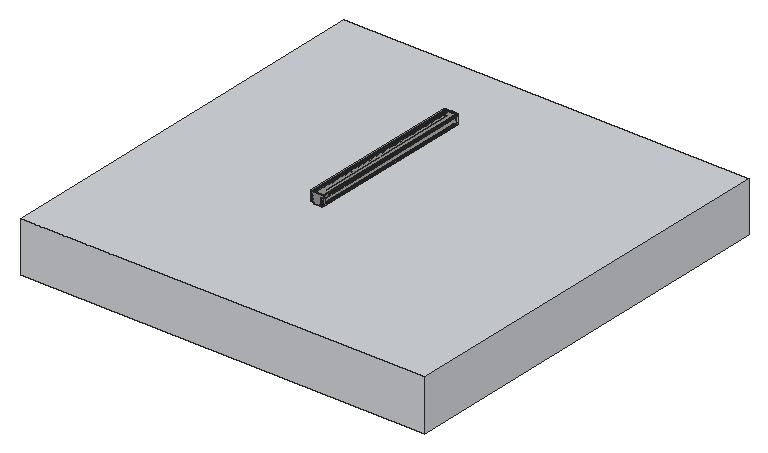
Revit family "L-street 24-48_body", category Обобщенные модели, Revit 2017
Family settings
  Основа = Грань
  Может служить основой для арматурных стержней = Нет
  Размер круглого соединителя = Использовать диаметр
  Тип детали = Нормальный
  При загрузке вырезать с полостями = Нет
  Общий = Нет
  Точка расчета площади = Нет
Parameters
  Тип торцевой крышки = Street 24-48 торцевая крышка : Trade Standart
  Расстояние от светильника до плоскости = 250 mm
  Default Elevation = 1219.2 mm
  Начало выдавливания = Длина профиля / 2 * (-1)  # -500 mm
  Конец выдавливания = Длина профиля / 2  # 500 mm
  Длина профиля = 1000 mm
Reference planes
  plane 1 "По центру (Вперед/Назад)": y = 0
  plane 2: z = 0
  plane 3 "По центру (Влево/Вправо)": x = 0
  plane 4 "Плоскость расположения светильника": z = 250
Forms (mm)
  Extrusion 1, solid
    sketch origin (0, 0, 0) x (1, 0, 0) y (0, 1, 0)
      loop
        line (-1219.2, 1219.2) -> (-1219.2, -1219.2) -> (1219.2, -1219.2) -> (1219.2, 1219.2) -> (-1219.2, 1219.2)
    from 0 to -304.8
  Extrusion 2, solid, material "Стекло, прозрачное остекление"
    sketch origin (-0.012, 0.083, 76.46) x (-1, 0, 0) y (0, 0, -1)
      loop
        line (35.589, -172.539) -> (35.589, -167.394) -> (33.404, -167.394) -> (33.404, -169.539) -> (-33.404, -169.539) -> (-33.404, -167.394) -> (-35.589, -167.394) -> (-35.589, -172.539) -> (35.589, -172.539)
    from -500 <- "Начало выдавливания" to 500 <- "Конец выдавливания"
  Extrusion 3, solid, material "Алюминий"
    sketch origin (-38.032, -499.976, 250) x (1, 0, 0) y (0, 0, -1)
      loop
        line (39.091, 58.204) -> (35.191, 58.204) -> (35.191, 62.2) -> (36.654, 62.2) -> (36.654, 64.2) -> (33.154, 64.2) -> (33.154, 58.204) -> (23.754, 58.204) -> (23.754, 62.908)
        arc (23.754, 62.908) -> (23.375, 63.822) -> (22.462, 64.2) r 1.292
        line (22.462, 64.2) -> (20.507, 64.2) -> (20.507, 62.999)
        arc (20.507, 62.999) -> (18.784, 57.899) -> (17.454, 63.115) r 2.807
        line (17.454, 63.115) -> (17.454, 64.2) -> (15.57, 64.2)
        arc (15.57, 64.2) -> (14.64, 63.815) -> (14.254, 62.884) r 1.316
        line (14.254, 62.884) -> (14.254, 58.204)
        arc (14.254, 58.204) -> (14.542, 57.268) -> (15.307, 56.657) r 1.662
        arc (15.307, 56.657) -> (15.699, 56.211) -> (15.564, 55.633) r 0.649
        line (15.564, 55.633) -> (14.254, 54.323)
        arc (14.254, 54.323) -> (12.694, 54.04) -> (11.88, 55.401) r 1.392
        line (11.88, 55.401) -> (11.88, 64.2) -> (10.88, 64.2) -> (10.88, 55.43)
        arc (10.88, 55.43) -> (12.297, 53.121) -> (14.961, 53.616) r 2.392
        line (14.961, 53.616) -> (16.271, 54.926)
        arc (16.271, 54.926) -> (18.805, 53.565) -> (19.091, 50.704) r 3.06
        line (19.091, 50.704) -> (19.091, 34.404)
        arc (19.091, 34.404) -> (17.453, 32.057) -> (14.686, 32.784) r 2.5
        line (14.686, 32.784) -> (3.187, 46.302)
        arc (3.187, 46.302) -> (1.783, 49.534) -> (1.349, 53.03) r 12.359
        arc (1.349, 53.03) -> (0.911, 54.131) -> (-0.182, 54.59) r 1.531
        line (-0.182, 54.59) -> (-1.451, 54.59) -> (-1.451, 52.09) -> (-0.218, 52.09) -> (-0.218, 49.043) -> (-1.451, 49.043) -> (-1.451, 47.616)
        arc (-1.451, 47.616) -> (-1.151, 46.891) -> (-0.426, 46.59) r 1.025
        line (-0.426, 46.59) -> (0.549, 46.59)
        arc (0.549, 46.59) -> (1.499, 46.15) -> (2.241, 45.41) r 3
        line (2.241, 45.41) -> (19.248, 21.121)
        arc (19.248, 21.121) -> (19.506, 18.078) -> (16.99, 16.347) r 3.04
        line (16.99, 16.347) -> (16.172, 18.606)
        arc (16.172, 18.606) -> (15.575, 18.888) -> (15.29, 18.293) r 0.468
        line (15.29, 18.293) -> (15.919, 15.768)
        arc (15.919, 15.768) -> (15.065, 15.349) -> (14.231, 14.89) r 20
        line (14.231, 14.89) -> (13.32, 17.308)
        arc (13.32, 17.308) -> (12.744, 17.565) -> (12.493, 16.986) r 0.443
        line (12.493, 16.986) -> (13, 14.112)
        arc (13, 14.112) -> (12.216, 13.548) -> (11.461, 12.946) r 20
        line (11.461, 12.946) -> (10.632, 15.29)
        arc (10.632, 15.29) -> (9.98, 15.589) -> (9.7, 14.929) r 0.5
        line (9.7, 14.929) -> (10.426, 12.018)
        arc (10.426, 12.018) -> (9.554, 11.125) -> (8.739, 10.18) r 20
        arc (8.739, 10.18) -> (8.315, 12.234) -> (6.549, 13.365) r 2.7
        line (6.549, 13.365) -> (6.345, 12.182)
        arc (6.345, 12.182) -> (6.657, 9.315) -> (4.875, 11.583) r 1.5
        line (4.875, 11.583) -> (4.02, 12.437)
        arc (4.02, 12.437) -> (3.433, 11.181) -> (3.546, 9.799) r 2.7
        arc (3.546, 9.799) -> (3.425, 8.912) -> (2.629, 8.5) r 0.973
        line (2.629, 8.5) -> (-2.894, 8.5) -> (-2.894, 0) -> (2.006, 0) -> (5.904, -0.341) -> (5.991, 0.655) -> (2.006, 1.004) -> (2.006, 4.504) -> (3.006, 4.504) -> (3.006, 6.504) -> (6.006, 6.504) -> (6.006, 4.504) -> (7.611, 4.504)
        arc (7.611, 4.504) -> (13.444, 12.031) -> (22.295, 15.543) r 18.05
        line (22.295, 15.543) -> (24.291, 15.543) -> (24.291, 16.504) -> (22.291, 16.504) -> (22.291, 18.204) -> (55.891, 18.204) -> (55.891, 16.504) -> (53.891, 16.504) -> (53.891, 15.543) -> (55.886, 15.543)
        arc (55.886, 15.543) -> (64.737, 12.031) -> (70.57, 4.504) r 18.05
        line (70.57, 4.504) -> (72.175, 4.504) -> (72.175, 6.504) -> (75.175, 6.504) -> (75.175, 4.504) -> (76.175, 4.504) -> (76.175, 1.004) -> (72.19, 0.655) -> (72.277, -0.341) -> (76.175, 0) -> (81.075, 0) -> (81.075, 8.5) -> (75.552, 8.5)
        arc (75.552, 8.5) -> (74.756, 8.912) -> (74.635, 9.799) r 0.973
        arc (74.635, 9.799) -> (74.748, 11.181) -> (74.161, 12.437) r 2.7
        line (74.161, 12.437) -> (73.306, 11.583)
        arc (73.306, 11.583) -> (71.524, 9.315) -> (71.836, 12.182) r 1.5
        line (71.836, 12.182) -> (71.632, 13.365)
        arc (71.632, 13.365) -> (69.866, 12.234) -> (69.442, 10.18) r 2.7
        arc (69.442, 10.18) -> (68.627, 11.125) -> (67.755, 12.018) r 20
        line (67.755, 12.018) -> (68.481, 14.929)
        arc (68.481, 14.929) -> (68.201, 15.589) -> (67.549, 15.29) r 0.5
        line (67.549, 15.29) -> (66.72, 12.946)
        arc (66.72, 12.946) -> (65.965, 13.548) -> (65.181, 14.112) r 20
        line (65.181, 14.112) -> (65.688, 16.986)
        arc (65.688, 16.986) -> (65.437, 17.565) -> (64.861, 17.308) r 0.443
        line (64.861, 17.308) -> (63.95, 14.89)
        arc (63.95, 14.89) -> (63.116, 15.349) -> (62.262, 15.768) r 20
        line (62.262, 15.768) -> (62.891, 18.293)
        arc (62.891, 18.293) -> (62.606, 18.888) -> (62.009, 18.606) r 0.468
        line (62.009, 18.606) -> (61.191, 16.347)
        arc (61.191, 16.347) -> (58.675, 18.078) -> (58.933, 21.121) r 3.04
        line (58.933, 21.121) -> (75.94, 45.41)
        arc (75.94, 45.41) -> (76.682, 46.15) -> (77.632, 46.59) r 3
        line (77.632, 46.59) -> (78.607, 46.59)
        arc (78.607, 46.59) -> (79.332, 46.891) -> (79.632, 47.616) r 1.025
        line (79.632, 47.616) -> (79.632, 49.043) -> (78.399, 49.043) -> (78.399, 52.09) -> (79.632, 52.09) -> (79.632, 54.59) -> (78.363, 54.59)
        arc (78.363, 54.59) -> (77.27, 54.131) -> (76.832, 53.03) r 1.531
        arc (76.832, 53.03) -> (76.398, 49.534) -> (74.994, 46.302) r 12.359
        line (74.994, 46.302) -> (63.495, 32.784)
        arc (63.495, 32.784) -> (60.728, 32.057) -> (59.091, 34.404) r 2.5
        line (59.091, 34.404) -> (59.091, 50.704)
        arc (59.091, 50.704) -> (59.376, 53.565) -> (61.91, 54.926) r 3.06
        line (61.91, 54.926) -> (63.22, 53.616)
        arc (63.22, 53.616) -> (65.884, 53.121) -> (67.301, 55.43) r 2.392
        line (67.301, 55.43) -> (67.301, 64.2) -> (66.301, 64.2) -> (66.301, 55.401)
        arc (66.301, 55.401) -> (65.487, 54.04) -> (63.927, 54.323) r 1.392
        line (63.927, 54.323) -> (62.617, 55.633)
        arc (62.617, 55.633) -> (62.482, 56.211) -> (62.874, 56.657) r 0.649
        arc (62.874, 56.657) -> (63.639, 57.268) -> (63.927, 58.204) r 1.662
        line (63.927, 58.204) -> (63.927, 62.884)
        arc (63.927, 62.884) -> (63.542, 63.815) -> (62.611, 64.2) r 1.316
        line (62.611, 64.2) -> (60.727, 64.2) -> (60.727, 63.115)
        arc (60.727, 63.115) -> (59.398, 57.899) -> (57.674, 62.999) r 2.807
        line (57.674, 62.999) -> (57.674, 64.2) -> (55.719, 64.2)
        arc (55.719, 64.2) -> (54.806, 63.822) -> (54.427, 62.908) r 1.292
        line (54.427, 62.908) -> (54.427, 58.204) -> (45.027, 58.204) -> (45.027, 64.2) -> (41.527, 64.2) -> (41.527, 62.2) -> (42.991, 62.2) -> (42.991, 58.204) -> (39.091, 58.204)
    from 0 to 1000 <- "Длина профиля"
Dimensions and locks
  "Расстояние от светильника до плоскости": plane 4 "Плоскость расположения светильника" to Extrusion 1
  aligned and locked: plane 2 to Extrusion 1
  aligned and locked: level to Extrusion 1
Automatic sketch dimensions
  Extrusion 1 sketch curve to Extrusion 1 sketch curve = 2438.4 mm  (x2)
  Extrusion 2 sketch curve to plane 4 "Плоскость расположения светильника" = 1.002 mm
  plane 3 "По центру (Влево/Вправо)" to Extrusion 2 sketch curve = 35.577 mm
  Extrusion 2 sketch curve to Extrusion 2 sketch curve = 2.185 mm  (x2)
  Extrusion 2 sketch curve to plane 4 "Плоскость расположения светильника" = 4.002 mm
  Extrusion 2 sketch curve to plane 3 "По центру (Влево/Вправо)" = 33.416 mm
  Extrusion 2 sketch curve to Extrusion 2 sketch curve = 2.144 mm  (x2)
  Extrusion 3 sketch curve to Extrusion 3 sketch curve = 0 mm  (x59)
  nested 1 to Extrusion 3 sketch curve = 2.894 mm
  nested 1 to Extrusion 3 sketch curve = 1.451 mm  (x2)
  Extrusion 3 sketch curve to Extrusion 3 sketch curve = 1.025 mm  (x2)
  Extrusion 3 sketch curve to Extrusion 3 sketch curve = 1.234 mm
  nested 1 to Extrusion 3 sketch curve = 0.216 mm
  nested 1 to Extrusion 3 sketch curve = 0.182 mm
  Extrusion 3 sketch curve to nested 1 = 0.549 mm
  Extrusion 3 sketch curve to nested 1 = 2.006 mm  (x2)
  Extrusion 3 sketch curve to Extrusion 3 sketch curve = 0.855 mm  (x4)
  Extrusion 3 sketch curve to Extrusion 3 sketch curve = 0.087 mm  (x2)
  Extrusion 3 sketch curve to Extrusion 3 sketch curve = 1.216 mm  (x2)
  Extrusion 3 sketch curve to Extrusion 3 sketch curve = 0.255 mm  (x2)
  Extrusion 3 sketch curve to Extrusion 3 sketch curve = 0.204 mm  (x2)
  Extrusion 3 sketch curve to Extrusion 3 sketch curve = 1.605 mm  (x2)
  Extrusion 3 sketch curve to Extrusion 3 sketch curve = 3.151 mm  (x2)
  Extrusion 3 sketch curve to Extrusion 3 sketch curve = 0.46 mm  (x2)
  Extrusion 3 sketch curve to Extrusion 3 sketch curve = 0.726 mm
  Extrusion 3 sketch curve to Extrusion 3 sketch curve = 0.471 mm  (x2)
  Extrusion 3 sketch curve to Extrusion 3 sketch curve = 1.035 mm  (x2)
  Extrusion 3 sketch curve to Extrusion 3 sketch curve = 1 mm  (x3)
  Extrusion 3 sketch curve to Extrusion 3 sketch curve = 2.273 mm
  Extrusion 3 sketch curve to Extrusion 3 sketch curve = 1.54 mm  (x2)
  Extrusion 3 sketch curve to Extrusion 3 sketch curve = 1.389 mm
  Extrusion 3 sketch curve to Extrusion 3 sketch curve = 0.436 mm
  Extrusion 3 sketch curve to Extrusion 3 sketch curve = 1.231 mm  (x2)
  Extrusion 3 sketch curve to Extrusion 3 sketch curve = 2.374 mm  (x2)
  Extrusion 3 sketch curve to Extrusion 3 sketch curve = 0.985 mm  (x4)
  Extrusion 3 sketch curve to Extrusion 3 sketch curve = 0.707 mm  (x8)
  Extrusion 3 sketch curve to Extrusion 3 sketch curve = 0.815 mm
  Extrusion 3 sketch curve to Extrusion 3 sketch curve = 2.385 mm
  Extrusion 3 sketch curve to Extrusion 3 sketch curve = 0.495 mm  (x2)
  Extrusion 3 sketch curve to Extrusion 3 sketch curve = 1.316 mm  (x4)
  Extrusion 3 sketch curve to Extrusion 3 sketch curve = 0.442 mm  (x2)
  Extrusion 3 sketch curve to Extrusion 3 sketch curve = 1.662 mm  (x2)
  Extrusion 3 sketch curve to Extrusion 3 sketch curve = 1.688 mm  (x2)
  Extrusion 3 sketch curve to Extrusion 3 sketch curve = 0.44 mm  (x2)
  Extrusion 3 sketch curve to Extrusion 3 sketch curve = 1.298 mm
  Extrusion 3 sketch curve to Extrusion 3 sketch curve = 0.586 mm  (x2)
  Extrusion 3 sketch curve to Extrusion 3 sketch curve = 1.071 mm  (x2)
  Extrusion 3 sketch curve to Extrusion 3 sketch curve = 0.004 mm  (x2)
  Extrusion 3 sketch curve to Extrusion 3 sketch curve = 1.955 mm  (x2)
  Extrusion 3 sketch curve to Extrusion 3 sketch curve = 1.292 mm  (x2)
  Extrusion 3 sketch curve to Extrusion 3 sketch curve = 2 mm  (x5)
  Extrusion 3 sketch curve to Extrusion 3 sketch curve = 9.4 mm  (x2)
  Extrusion 3 sketch curve to Extrusion 3 sketch curve = 2.037 mm  (x2)
  Extrusion 3 sketch curve to Extrusion 3 sketch curve = 1.463 mm
  Extrusion 3 sketch curve to Extrusion 3 sketch curve = 3.9 mm  (x2)
  Extrusion 3 sketch curve to Extrusion 3 sketch curve = 4.873 mm
  Extrusion 3 sketch curve to Extrusion 3 sketch curve = 1.996 mm  (x3)
  Extrusion 3 sketch curve to Extrusion 3 sketch curve = 1.884 mm  (x2)
  Extrusion 3 sketch curve to Extrusion 3 sketch curve = 1.31 mm
  Extrusion 3 sketch curve to Extrusion 3 sketch curve = 1.904 mm
  Extrusion 3 sketch curve to Extrusion 3 sketch curve = 1.256 mm
  Extrusion 3 sketch curve to Extrusion 3 sketch curve = 1.326 mm
  Extrusion 3 sketch curve to Extrusion 3 sketch curve = 0.829 mm
  Extrusion 3 sketch curve to Extrusion 3 sketch curve = 0.015 mm
  nested 1 to Extrusion 3 sketch curve = 0.458 mm
  nested 1 to Extrusion 3 sketch curve = 1.188 mm
  nested 1 to Extrusion 3 sketch curve = 1.223 mm
  nested 1 to Extrusion 3 sketch curve = 1.224 mm
  nested 1 to Extrusion 3 sketch curve = 1.432 mm
  Extrusion 3 sketch curve to Extrusion 3 sketch curve = 1.269 mm
  nested 1 to Extrusion 3 sketch curve = 3.9 mm
  Extrusion 3 sketch curve to nested 1 = 61.6 mm
  Extrusion 3 sketch curve to Extrusion 3 sketch curve = 2.055 mm  (x2)
  Extrusion 3 sketch curve to Extrusion 3 sketch curve = 0.341 mm  (x2)
  Extrusion 3 sketch curve to Extrusion 3 sketch curve = 3.849 mm  (x2)
  Extrusion 3 sketch curve to Extrusion 3 sketch curve = 3.5 mm
  Extrusion 3 sketch curve to Extrusion 3 sketch curve = 0.973 mm  (x2)
  Extrusion 3 sketch curve to Extrusion 3 sketch curve = 1.23 mm  (x2)
  Extrusion 3 sketch curve to Extrusion 3 sketch curve = 0.879 mm  (x2)
  Extrusion 3 sketch curve to Extrusion 3 sketch curve = 0.164 mm  (x2)
  Extrusion 3 sketch curve to Extrusion 3 sketch curve = 0.928 mm  (x2)
  Extrusion 3 sketch curve to Extrusion 3 sketch curve = 1.183 mm  (x2)
  Extrusion 3 sketch curve to Extrusion 3 sketch curve = 0.778 mm  (x2)
  Extrusion 3 sketch curve to Extrusion 3 sketch curve = 1.982 mm  (x2)
  Extrusion 3 sketch curve to Extrusion 3 sketch curve = 0.195 mm  (x2)
  Extrusion 3 sketch curve to Extrusion 3 sketch curve = 0.579 mm  (x2)
  Extrusion 3 sketch curve to Extrusion 3 sketch curve = 0.961 mm  (x2)
  Extrusion 3 sketch curve to Extrusion 3 sketch curve = 2.262 mm  (x2)
  Extrusion 3 sketch curve to Extrusion 3 sketch curve = 1.7 mm
  Extrusion 3 sketch curve to Extrusion 3 sketch curve = 1.946 mm  (x2)
  Extrusion 3 sketch curve to Extrusion 3 sketch curve = 0.154 mm  (x2)
  Extrusion 3 sketch curve to Extrusion 3 sketch curve = 0.772 mm  (x2)
  Extrusion 3 sketch curve to Extrusion 3 sketch curve = 11.663 mm  (x2)
  Extrusion 3 sketch curve to Extrusion 3 sketch curve = 10.905 mm  (x2)
  Extrusion 3 sketch curve to Extrusion 3 sketch curve = 1.721 mm  (x2)
  Extrusion 3 sketch curve to Extrusion 3 sketch curve = 0.892 mm  (x2)
  Extrusion 3 sketch curve to Extrusion 3 sketch curve = 1.428 mm  (x2)
  Extrusion 3 sketch curve to Extrusion 3 sketch curve = 16.3 mm  (x2)
  Extrusion 3 sketch curve to Extrusion 3 sketch curve = 1.162 mm  (x2)
  Extrusion 3 sketch curve to Extrusion 3 sketch curve = 3.047 mm  (x2)
  Extrusion 3 sketch curve to Extrusion 3 sketch curve = 0.925 mm  (x2)
  Extrusion 3 sketch curve to Extrusion 3 sketch curve = 0.969 mm  (x2)
  Extrusion 3 sketch curve to Extrusion 3 sketch curve = 0.825 mm  (x2)
  Extrusion 3 sketch curve to Extrusion 3 sketch curve = 1.531 mm  (x2)
  Extrusion 3 sketch curve to Extrusion 3 sketch curve = 0.42 mm  (x2)
  Extrusion 3 sketch curve to Extrusion 3 sketch curve = 2.151 mm  (x2)
  Extrusion 3 sketch curve to Extrusion 3 sketch curve = 7.5 mm
  Extrusion 3 sketch curve to Extrusion 3 sketch curve = 2.5 mm  (x4)
  Extrusion 3 sketch curve to Extrusion 3 sketch curve = 3.997 mm  (x2)
  Extrusion 3 sketch curve to Extrusion 3 sketch curve = 4.68 mm
  Extrusion 3 sketch curve to Extrusion 3 sketch curve = 2.18 mm
  Extrusion 3 sketch curve to Extrusion 3 sketch curve = 2.204 mm  (x2)
  Extrusion 3 sketch curve to Extrusion 3 sketch curve = 1.202 mm  (x2)
  Extrusion 3 sketch curve to Extrusion 3 sketch curve = 0.411 mm  (x2)
  Extrusion 3 sketch curve to Extrusion 3 sketch curve = 0.415 mm  (x2)
  Extrusion 3 sketch curve to Extrusion 3 sketch curve = 0.165 mm  (x2)
  Extrusion 3 sketch curve to nested 1 = 0 mm  (x3)
  Extrusion 3 sketch curve to Extrusion 3 sketch curve = 1.692 mm
  Extrusion 3 sketch curve to nested 1 = 2.629 mm
  Extrusion 3 sketch curve to Extrusion 3 sketch curve = 0.946 mm
  Extrusion 3 sketch curve to Extrusion 3 sketch curve = 1.391 mm
  Extrusion 3 sketch curve to Extrusion 3 sketch curve = 3.898 mm
  Extrusion 3 sketch curve to Extrusion 3 sketch curve = 3 mm
  nested 1 to Extrusion 3 sketch curve = 2.511 mm
  Extrusion 3 sketch curve to nested 1 = 10.88 mm
  Extrusion 3 sketch curve to Extrusion 3 sketch curve = 4.404 mm
  Extrusion 3 sketch curve to Extrusion 3 sketch curve = 1.437 mm
  Extrusion 3 sketch curve to Extrusion 3 sketch curve = 2.49 mm  (x2)
  Extrusion 3 sketch curve to Extrusion 3 sketch curve = 3.053 mm  (x2)
  Extrusion 3 sketch curve to Extrusion 3 sketch curve = 5.3 mm
  Extrusion 3 sketch curve to nested 1 = 23.284 mm
  Extrusion 3 sketch curve to Extrusion 3 sketch curve = 3.042 mm
  Extrusion 3 sketch curve to Extrusion 3 sketch curve = 4.663 mm
  Extrusion 3 sketch curve to Extrusion 3 sketch curve = 1.616 mm
  Extrusion 3 sketch curve to Extrusion 3 sketch curve = 2.258 mm
  Extrusion 3 sketch curve to Extrusion 3 sketch curve = 2.017 mm
  Extrusion 3 sketch curve to Extrusion 3 sketch curve = 1.128 mm
  Extrusion 3 sketch curve to nested 1 = 2.18 mm
  Extrusion 3 sketch curve to nested 1 = 2 mm
  Extrusion 3 sketch curve to nested 1 = 1.623 mm
  Extrusion 3 sketch curve to nested 1 = 1.235 mm
  Extrusion 3 sketch curve to nested 1 = 1 mm
Nested families
  nested 1: "Street 24-48 торцевая крышка" at (0.555, 0.024, 0), type <- "Тип торцевой крышки", type "Trade Standart"
    with Начало профиля 500 mm, Конец профиля 500 mm, Длина профиля 1000 mm
  nested 2: "Street 24-48 торцевая крышка" at (0.452, 0, 0), type <- "Тип торцевой крышки", type "Trade Standart"
    with Начало профиля 500 mm, Конец профиля 500 mm, Длина профиля 1000 mm
Definition of nested family "Street 24-48 торцевая крышка"
  Parameters (values of type "Trade 24-48 торцевая крышка")
    Расстояние до плоскости = 150 mm
    Default Elevation = 1219.2 mm
    Начало профиля = 249.976 mm
    Конец профиля = Начало профиля  # 249.976 mm
    Длина профиля = Начало профиля * 2  # 499.952 mm
  Types (2, lengths in mm): name | Расстояние до плоскости | Начало профиля | Конец профиля | Длина профиля
    Trade 24-48 торцевая крышка | 150 | 249.976 | 249.976 | 499.952
    Trade Standart | 250 | 250 | 250 | 500
  Reference planes
    plane 1 "По центру (Вперед/Назад)": y = 0
    plane 2: z = 0
    plane 3 "По центру (Влево/Вправо)": x = 0
    plane 4 "Плоскость светильника": z = 150
  Forms (mm)
    Extrusion 1, solid
      sketch origin (0, 0, 0) x (1, 0, 0) y (0, 1, 0)
        loop
          line (-1219.2, 1219.2) -> (-1219.2, -1219.2) -> (1219.2, -1219.2) -> (1219.2, 1219.2) -> (-1219.2, 1219.2)
      from 0 to -304.8
    Extrusion 2, solid
      sketch origin (-19.367, -249.976, 150) x (1, 0, 0) y (0, 0, 1)
        loop
          line (-19.221, 0) -> (-19.221, -52.919) -> (-10.867, -52.919)
          arc (-10.867, -52.919) -> (-6.009, -53.518) -> (-1.441, -55.28) r 20
          line (-1.441, -55.28) -> (3.39, -58.299)
          arc (3.39, -58.299) -> (3.801, -58.687) -> (4.03, -59.204) r 1.436
          line (4.03, -59.204) -> (13.43, -59.204)
          arc (13.43, -59.204) -> (14.332, -58.467) -> (15.467, -58.204) r 2.574
          line (15.467, -58.204) -> (19.367, -58.204) -> (23.267, -58.204)
          arc (23.267, -58.204) -> (24.401, -58.467) -> (25.303, -59.204) r 2.574
          line (25.303, -59.204) -> (34.703, -59.204)
          arc (34.703, -59.204) -> (34.933, -58.687) -> (35.344, -58.299) r 1.436
          line (35.344, -58.299) -> (40.175, -55.28)
          arc (40.175, -55.28) -> (44.742, -53.518) -> (49.601, -52.919) r 20
          line (49.601, -52.919) -> (57.954, -52.919) -> (57.954, 0) -> (19.367, 0) -> (-19.221, 0)
      from 0 to 5
    Extrusion 3, solid
      sketch origin (18.233, 249.976, 150) x (-1, 0, 0) y (0, 0, 1)
        loop
          line (56.821, 0) -> (18.233, 0) -> (-20.354, 0) -> (-20.354, -52.919) -> (-12.001, -52.919)
          arc (-12.001, -52.919) -> (-7.142, -53.518) -> (-2.575, -55.28) r 20
          line (-2.575, -55.28) -> (2.256, -58.299)
          arc (2.256, -58.299) -> (2.667, -58.687) -> (2.897, -59.204) r 1.436
          line (2.897, -59.204) -> (12.297, -59.204)
          arc (12.297, -59.204) -> (13.199, -58.467) -> (14.333, -58.204) r 2.574
          line (14.333, -58.204) -> (18.233, -58.204) -> (22.133, -58.204)
          arc (22.133, -58.204) -> (23.268, -58.467) -> (24.17, -59.204) r 2.574
          line (24.17, -59.204) -> (33.57, -59.204)
          arc (33.57, -59.204) -> (33.799, -58.687) -> (34.21, -58.299) r 1.436
          line (34.21, -58.299) -> (39.041, -55.28)
          arc (39.041, -55.28) -> (43.609, -53.518) -> (48.467, -52.919) r 20
          line (48.467, -52.919) -> (56.821, -52.919) -> (56.821, 0)
      from 0 to 5
    Extrusion 4, solid
      sketch origin (0, -398.223, 150) x (0, -1, 0) y (1, 0, 0)
        loop
          line (-149.081, 18.233) -> (-149.081, -19.367) -> (-148.247, -19.367) -> (-148.247, 18.233) -> (-149.081, 18.233)
        loop
          line (-648.199, -19.367) -> (-647.405, -19.367) -> (-647.405, 18.233) -> (-648.199, 18.233) -> (-648.199, -19.367)
      from 0 to -1
    Extrusion 5, void
      sketch origin (-19.367, -254.976, 150) x (-1, 0, 0) y (0, 0, 1)
        loop
          line (9.318, -51.37) -> (15.247, -51.37)
          arc (15.247, -51.37) -> (16.574, -50.692) -> (16.801, -49.218) r 1.637
          arc (16.801, -49.218) -> (16.329, -48.024) -> (15.725, -46.891) r 11.359
          line (15.725, -46.891) -> (4.276, -33.432)
          arc (4.276, -33.432) -> (2.615, -32.996) -> (1.633, -34.404) r 1.5
          line (1.633, -34.404) -> (1.633, -52.906)
          arc (1.633, -52.906) -> (5.4, -51.758) -> (9.318, -51.37) r 20
        loop
          arc (14.324, -39.155) -> (16.107, -39.761) -> (17.221, -38.242) r 1.592
          line (17.221, -38.242) -> (17.221, -10.29)
          arc (17.221, -10.29) -> (14.944, -10.099) -> (12.739, -9.499) r 12.546
          arc (12.739, -9.499) -> (11.447, -11.189) -> (9.991, -12.739) r 21
          arc (9.991, -12.739) -> (8.685, -13.894) -> (7.288, -14.938) r 21
          arc (7.288, -14.938) -> (4.877, -16.36) -> (2.299, -17.45) r 21
          arc (2.299, -17.45) -> (1.025, -18.749) -> (1.295, -20.548) r 2.04
          line (1.295, -20.548) -> (14.324, -39.155)
        loop
          arc (-48.051, -51.37) -> (-44.133, -51.758) -> (-40.367, -52.906) r 20
          line (-40.367, -52.906) -> (-40.367, -34.404)
          arc (-40.367, -34.404) -> (-41.349, -32.996) -> (-43.009, -33.432) r 1.5
          line (-43.009, -33.432) -> (-54.458, -46.891)
          arc (-54.458, -46.891) -> (-55.062, -48.024) -> (-55.534, -49.218) r 11.359
          arc (-55.534, -49.218) -> (-55.308, -50.692) -> (-53.98, -51.37) r 1.637
          line (-53.98, -51.37) -> (-48.051, -51.37)
        loop
          line (-53.057, -39.155) -> (-40.028, -20.548)
          arc (-40.028, -20.548) -> (-39.759, -18.749) -> (-41.032, -17.45) r 2.04
          arc (-41.032, -17.45) -> (-43.611, -16.36) -> (-46.022, -14.938) r 21
          arc (-46.022, -14.938) -> (-47.419, -13.894) -> (-48.725, -12.739) r 21
          arc (-48.725, -12.739) -> (-50.181, -11.189) -> (-51.473, -9.499) r 21
          arc (-51.473, -9.499) -> (-53.677, -10.099) -> (-55.954, -10.29) r 12.546
          line (-55.954, -10.29) -> (-55.954, -38.242)
          arc (-55.954, -38.242) -> (-54.841, -39.761) -> (-53.057, -39.155) r 1.592
      from 0 to 1
    Extrusion 6, void
      sketch origin (18.233, 254.976, 150) x (1, 0, 0) y (0, 0, 1)
        loop
          arc (-46.904, -51.384) -> (-42.986, -51.772) -> (-39.219, -52.919) r 20
          line (-39.219, -52.919) -> (-39.219, -34.418)
          arc (-39.219, -34.418) -> (-40.202, -33.01) -> (-41.862, -33.446) r 1.5
          line (-41.862, -33.446) -> (-53.311, -46.905)
          arc (-53.311, -46.905) -> (-53.915, -48.038) -> (-54.387, -49.232) r 11.359
          arc (-54.387, -49.232) -> (-54.16, -50.705) -> (-52.833, -51.384) r 1.637
          line (-52.833, -51.384) -> (-46.904, -51.384)
        loop
          line (-51.91, -39.169) -> (-38.881, -20.562)
          arc (-38.881, -20.562) -> (-38.611, -18.763) -> (-39.885, -17.464) r 2.04
          arc (-39.885, -17.464) -> (-42.463, -16.374) -> (-44.874, -14.952) r 21
          arc (-44.874, -14.952) -> (-46.271, -13.908) -> (-47.577, -12.753) r 21
          arc (-47.577, -12.753) -> (-49.033, -11.203) -> (-50.325, -9.513) r 21
          arc (-50.325, -9.513) -> (-52.53, -10.113) -> (-54.807, -10.303) r 12.546
          line (-54.807, -10.303) -> (-54.807, -38.256)
          arc (-54.807, -38.256) -> (-53.693, -39.775) -> (-51.91, -39.169) r 1.592
        loop
          line (10.465, -51.384) -> (16.394, -51.384)
          arc (16.394, -51.384) -> (17.722, -50.705) -> (17.948, -49.232) r 1.637
          arc (17.948, -49.232) -> (17.476, -48.038) -> (16.872, -46.905) r 11.359
          line (16.872, -46.905) -> (5.423, -33.446)
          arc (5.423, -33.446) -> (3.763, -33.01) -> (2.781, -34.418) r 1.5
          line (2.781, -34.418) -> (2.781, -52.919)
          arc (2.781, -52.919) -> (6.547, -51.772) -> (10.465, -51.384) r 20
        loop
          arc (15.471, -39.169) -> (17.254, -39.775) -> (18.368, -38.256) r 1.592
          line (18.368, -38.256) -> (18.368, -10.303)
          arc (18.368, -10.303) -> (16.091, -10.113) -> (13.887, -9.513) r 12.546
          arc (13.887, -9.513) -> (12.595, -11.203) -> (11.138, -12.753) r 21
          arc (11.138, -12.753) -> (9.833, -13.908) -> (8.435, -14.952) r 21
          arc (8.435, -14.952) -> (6.025, -16.374) -> (3.446, -17.464) r 21
          arc (3.446, -17.464) -> (2.173, -18.763) -> (2.442, -20.562) r 2.04
          line (2.442, -20.562) -> (15.471, -39.169)
      from 0 to 1
  Cuts and joins
    Extrusion 5 cuts Extrusion 2
    Extrusion 6 cuts Extrusion 3
  Dimensions and locks
    "Расстояние до плоскости": plane 4 "Плоскость светильника" to Extrusion 1
    "Конец профиля": plane 1 "По центру (Вперед/Назад)" to Extrusion 4
    "Начало профиля": Extrusion 4 to plane 1 "По центру (Вперед/Назад)"
    aligned and locked: plane 2 to Extrusion 1
    aligned and locked: level to Extrusion 1
  Automatic sketch dimensions
    Extrusion 1 sketch curve to Extrusion 1 sketch curve = 2438.4 mm  (x2)
    Extrusion 3 sketch curve to Extrusion 3 sketch curve = 4.07 mm
    Extrusion 3 sketch curve to Extrusion 3 sketch curve = 0.761 mm
    Extrusion 3 sketch curve to Extrusion 3 sketch curve = 0.641 mm  (x2)
    Extrusion 3 sketch curve to Extrusion 3 sketch curve = 9.4 mm  (x2)
    Extrusion 3 sketch curve to Extrusion 3 sketch curve = 2.037 mm  (x2)
    Extrusion 3 sketch curve to Extrusion 3 sketch curve = 3.9 mm  (x2)
    Extrusion 4 to Extrusion 3 sketch curve = 58.299 mm
    Extrusion 3 sketch curve to Extrusion 3 sketch curve = 1.402 mm
    Extrusion 3 sketch curve to Extrusion 3 sketch curve = 4.831 mm
    Extrusion 4 to Extrusion 3 sketch curve = 72.919 mm  (x2)
    Extrusion 3 sketch curve to Extrusion 3 sketch curve = 2.479 mm
    Extrusion 3 sketch curve to Extrusion 3 sketch curve = 0 mm
    Extrusion 3 sketch curve to Extrusion 3 sketch curve = 1.261 mm
    Extrusion 3 sketch curve to Extrusion 3 sketch curve = 1.218 mm
    Extrusion 3 sketch curve to Extrusion 3 sketch curve = 3.018 mm  (x2)
    Extrusion 4 to Extrusion 2 sketch curve = 52.919 mm
    Extrusion 4 to Extrusion 2 sketch curve = 72.919 mm  (x2)
    Extrusion 2 sketch curve to Extrusion 2 sketch curve = 8.353 mm  (x2)
    Extrusion 4 to Extrusion 2 sketch curve = 55.28 mm
    Extrusion 2 sketch curve to Extrusion 2 sketch curve = 4.07 mm
    Extrusion 4 to Extrusion 2 sketch curve = 58.299 mm  (x2)
    Extrusion 2 sketch curve to Extrusion 2 sketch curve = 0.761 mm  (x2)
    Extrusion 2 sketch curve to Extrusion 2 sketch curve = 0.641 mm  (x2)
    Extrusion 2 sketch curve to Extrusion 2 sketch curve = 9.4 mm  (x2)
    Extrusion 2 sketch curve to Extrusion 2 sketch curve = 2.037 mm  (x2)
    Extrusion 2 sketch curve to Extrusion 2 sketch curve = 3.9 mm  (x2)
    Extrusion 2 sketch curve to Extrusion 2 sketch curve = 4.831 mm
    Extrusion 2 sketch curve to Extrusion 2 sketch curve = 2.479 mm
    Extrusion 2 sketch curve to Extrusion 2 sketch curve = 0 mm
    Extrusion 2 sketch curve to Extrusion 2 sketch curve = 1.218 mm
    Extrusion 2 sketch curve to Extrusion 2 sketch curve = 3.018 mm
    Extrusion 3 sketch curve to Extrusion 4 = 0 mm
    Extrusion 2 sketch curve to Extrusion 4 = 19.221 mm
    Extrusion 3 sketch curve to Extrusion 4 = 20.354 mm
    Extrusion 3 sketch curve to Extrusion 4 = 12.001 mm
    Extrusion 4 sketch curve to plane 3 "По центру (Влево/Вправо)" = 19.367 mm  (x2)
    Extrusion 4 sketch curve to plane 1 "По центру (Вперед/Назад)" = 249.976 mm
    Extrusion 4 sketch curve to Extrusion 4 sketch curve = 0.794 mm
    plane 1 "По центру (Вперед/Назад)" to Extrusion 4 sketch curve = 249.142 mm
    Extrusion 4 sketch curve to Extrusion 4 sketch curve = 0.834 mm
    plane 3 "По центру (Влево/Вправо)" to Extrusion 4 sketch curve = 18.233 mm  (x2)
    Extrusion 2 sketch curve to Extrusion 4 = 0 mm
    Extrusion 2 sketch curve to Extrusion 4 = 18.233 mm
    Extrusion 4 to Extrusion 2 sketch curve = 12.001 mm
    Extrusion 3 sketch curve to Extrusion 4 = 2.575 mm
    Extrusion 4 to Extrusion 3 sketch curve = 18.233 mm
    Extrusion 3 sketch curve to Extrusion 3 sketch curve = 9.426 mm
    Extrusion 3 sketch curve to Extrusion 3 sketch curve = 8.353 mm
    Extrusion 5 sketch curve to Extrusion 5 sketch curve = 0 mm  (x13)
    Extrusion 2 to Extrusion 5 sketch curve = 2 mm  (x2)
    Extrusion 2 to Extrusion 5 sketch curve = 2.098 mm  (x2)
    Extrusion 2 to Extrusion 5 sketch curve = 3.496 mm
    Extrusion 5 sketch curve to Extrusion 5 sketch curve = 1.592 mm
    Extrusion 2 to Extrusion 5 sketch curve = 1.549 mm  (x2)
    Extrusion 2 to Extrusion 5 sketch curve = 3.974 mm  (x2)
    Extrusion 5 sketch curve to Extrusion 5 sketch curve = 1.304 mm  (x2)
    Extrusion 2 to Extrusion 5 sketch curve = 9.903 mm
    Extrusion 2 to Extrusion 5 sketch curve = 0.128 mm  (x2)
    Extrusion 5 sketch curve to Extrusion 5 sketch curve = 3.299 mm  (x2)
    Extrusion 5 sketch curve to Extrusion 5 sketch curve = 10.048 mm
    Extrusion 5 sketch curve to Extrusion 5 sketch curve = 1.143 mm  (x2)
    Extrusion 5 sketch curve to Extrusion 5 sketch curve = 1.31 mm
    Extrusion 2 to Extrusion 5 sketch curve = 0.014 mm
    Extrusion 5 sketch curve to Extrusion 5 sketch curve = 4.386 mm  (x2)
    Extrusion 5 sketch curve to Extrusion 5 sketch curve = 1.671 mm  (x2)
    Extrusion 5 sketch curve to Extrusion 2 = 2.396 mm  (x2)
    Extrusion 5 sketch curve to Extrusion 5 sketch curve = 21.689 mm
    Extrusion 2 to Extrusion 5 sketch curve = 23.787 mm
    Extrusion 2 to Extrusion 5 sketch curve = 17.926 mm
    Extrusion 5 sketch curve to Extrusion 5 sketch curve = 0.339 mm
    Extrusion 5 sketch curve to Extrusion 5 sketch curve = 1.5 mm
    Extrusion 2 to Extrusion 5 sketch curve = 4.897 mm
    Extrusion 5 sketch curve to Extrusion 5 sketch curve = 0.478 mm
    Extrusion 5 sketch curve to Extrusion 2 = 12.166 mm
    Extrusion 5 sketch curve to Extrusion 5 sketch curve = 1.637 mm  (x2)
    Extrusion 5 sketch curve to Extrusion 5 sketch curve = 2.327 mm  (x2)
    Extrusion 5 sketch curve to Extrusion 5 sketch curve = 7.735 mm  (x2)
    Extrusion 5 sketch curve to Extrusion 5 sketch curve = 4.752 mm  (x2)
    Extrusion 5 sketch curve to Extrusion 5 sketch curve = 12.884 mm  (x2)
    Extrusion 5 sketch curve to Extrusion 5 sketch curve = 1.17 mm  (x2)
    Extrusion 2 to Extrusion 5 sketch curve = 10.29 mm  (x2)
    Extrusion 5 sketch curve to Extrusion 2 = 2.256 mm  (x2)
    Extrusion 5 sketch curve to Extrusion 5 sketch curve = 4.481 mm
    Extrusion 5 sketch curve to Extrusion 5 sketch curve = 2.748 mm
    Extrusion 5 sketch curve to Extrusion 5 sketch curve = 2.703 mm  (x2)
    Extrusion 5 sketch curve to Extrusion 5 sketch curve = 4.989 mm
    Extrusion 6 sketch curve to Extrusion 6 sketch curve = 0 mm  (x13)
    Extrusion 6 sketch curve to Extrusion 3 = 0 mm  (x2)
    Extrusion 3 to Extrusion 6 sketch curve = 2.014 mm
    Extrusion 3 to Extrusion 6 sketch curve = 2.112 mm
    Extrusion 3 to Extrusion 6 sketch curve = 3.51 mm
    Extrusion 6 sketch curve to Extrusion 6 sketch curve = 1.592 mm  (x2)
    Extrusion 6 sketch curve to Extrusion 6 sketch curve = 0.478 mm  (x2)
    Extrusion 6 sketch curve to Extrusion 6 sketch curve = 1.304 mm  (x2)
    Extrusion 3 to Extrusion 6 sketch curve = 9.917 mm
    Extrusion 3 to Extrusion 6 sketch curve = 0.115 mm  (x2)
    Extrusion 6 sketch curve to Extrusion 6 sketch curve = 3.299 mm
    Extrusion 6 sketch curve to Extrusion 6 sketch curve = 10.048 mm
    Extrusion 6 sketch curve to Extrusion 6 sketch curve = 1.143 mm  (x2)
    Extrusion 6 sketch curve to Extrusion 6 sketch curve = 1.31 mm
    Extrusion 6 sketch curve to Extrusion 6 sketch curve = 1.5 mm  (x2)
    Extrusion 6 sketch curve to Extrusion 6 sketch curve = 1.671 mm  (x2)
    Extrusion 6 sketch curve to Extrusion 3 = 2.382 mm  (x2)
    Extrusion 6 sketch curve to Extrusion 6 sketch curve = 21.689 mm
    Extrusion 3 to Extrusion 6 sketch curve = 23.773 mm
    Extrusion 3 to Extrusion 6 sketch curve = 17.912 mm
    Extrusion 6 sketch curve to Extrusion 6 sketch curve = 0.339 mm
    Extrusion 6 sketch curve to Extrusion 6 sketch curve = 4.386 mm
    Extrusion 3 to Extrusion 6 sketch curve = 9.889 mm
    Extrusion 3 to Extrusion 6 sketch curve = 4.883 mm
    Extrusion 3 to Extrusion 6 sketch curve = 3.96 mm
    Extrusion 3 to Extrusion 6 sketch curve = 2.084 mm
    Extrusion 6 sketch curve to Extrusion 3 = 12.18 mm  (x2)
    Extrusion 6 sketch curve to Extrusion 6 sketch curve = 1.637 mm  (x2)
    Extrusion 6 sketch curve to Extrusion 6 sketch curve = 2.327 mm  (x2)
    Extrusion 6 sketch curve to Extrusion 6 sketch curve = 7.735 mm  (x2)
    Extrusion 6 sketch curve to Extrusion 6 sketch curve = 4.752 mm  (x2)
    Extrusion 6 sketch curve to Extrusion 6 sketch curve = 12.884 mm  (x2)
    Extrusion 6 sketch curve to Extrusion 6 sketch curve = 1.17 mm  (x2)
    Extrusion 3 to Extrusion 6 sketch curve = 10.303 mm  (x2)
    Extrusion 6 sketch curve to Extrusion 3 = 2.242 mm  (x2)
    Extrusion 6 sketch curve to Extrusion 6 sketch curve = 4.481 mm
    Extrusion 6 sketch curve to Extrusion 6 sketch curve = 2.748 mm
    Extrusion 6 sketch curve to Extrusion 6 sketch curve = 2.703 mm  (x2)
    Extrusion 6 sketch curve to Extrusion 6 sketch curve = 4.989 mm
